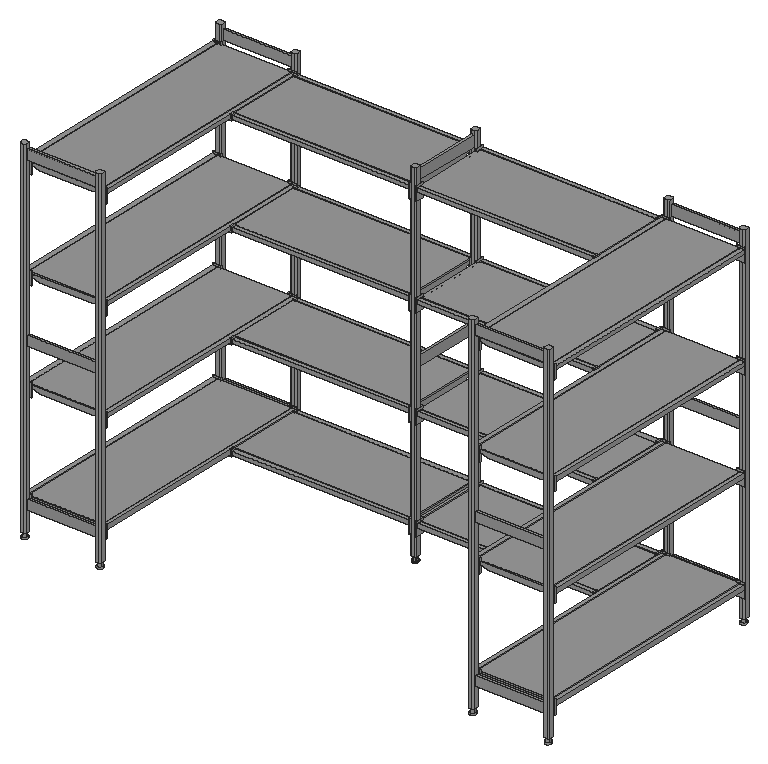
Revit family "QF_ELECTROLUXPROFESSIONAL_137100_CRS2412", category Attrezzature speciali, Revit 2020
Family settings
  Quota connettore circolare = Usa diametro
  Tipo di parte = Normale
  Basato su piano di lavoro = No
  Sempre verticale = Sì
  Taglio con vuoti quando caricato = No
  Condiviso = No
  Punto di calcolo locali = No
Parameters (values of type "Standard")
  Weight = 63.00 kg
  Watts = 0 W
  Volts = 0 V
  URL Manufacturer = "https://www.electroluxprofessional.com/"
  URL = "https://www.electroluxprofessional.com/"
  Steam Supply Size = 0 mm
  Steam Supply Minimum Pressure = 0.0 Pa
  Steam Supply Maximum Pressure = 0.0 Pa
  Steam Consumption per Hour = 0
  Refrigeration Suction Line Size = 0 mm
  Refrigeration Liquid Line Size = 0 mm
  Refrigerant Compressor Remote = yes
  Prospetto di default = 0 mm
  Produttore = "Electrolux Professional"
  Phase = 0
  Modello = "CRS2412"
  Length Actual = 708 mm  # constant formula
  Item Number = "137100"
  Hot Water Size = 0 mm
  Height Actual = 1550 mm  # constant formula
  HP = "0 HP"
  Gas Size = 0 mm
  Gas KW = 0
  Gas Input Pressure = 0 W
  Direct Waste Size = 0 mm
  Descrizione = "ALUM.SHELV.,POLY.TIERS-COLDROOM 243X123"
  Depth Actual = 373 mm  # constant formula
  Cycle = 0 Hz
  Condensate Return Size = 0 mm
  Compressed Air Volume = 0.0 L/s
  Compressed Air Size = 0 mm
  Compressed Air Pressure = 0.0 Pa
  Cold Water Size = 0 mm
  Accessory = yes
Reference planes
  plane 1 "Center (Front/Back)": y = 0
  plane 2: z = 0
  plane 3 "Center (Left/Right)": x = 0
  plane 4: x = -1215
  plane 5: y = 615
  plane 6: y = -615
  plane 7: x = 1215
  plane 8: x = -1193
  plane 9: x = 1193
  plane 10: y = 563
  plane 11: y = -563
Forms (mm)
  Extrusion 1, solid, material "QF_Clearances", detail levels coarse
    sketch origin (0, 0, 0) x (1, 0, 0) y (0, 1, 0)
      loop
        line (-1215, -615) -> (1215, -615) -> (1215, 615) -> (-1215, 615) -> (-1215, -615)
      loop
        line (1193, -563) -> (1193, 563) -> (-1193, 563) -> (-1193, -563) -> (1193, -563)
    from 0 to 1590
Lines and regions (mm)
  symbolic lines, style "QF_Clearances"
    curve 1: line (-1215, 615, 0) -> (-1215, -615, 0)
    curve 2: line (1215, 615, 0) -> (-1215, 615, 0)
    curve 3: line (1215, -615, 0) -> (1215, 615, 0)
Dimensions and locks
  equal spacing: plane 5, plane 1 "Center (Front/Back)", plane 6
  plane 5 to plane 6 = 1230 mm
  equal spacing: plane 4, plane 3 "Center (Left/Right)", plane 7
  plane 4 to plane 7 = 2430 mm
  plane 4 to plane 8 = 22 mm
  plane 8 to plane 9 = 2386 mm
  plane 11 to plane 6 = 52 mm
  plane 10 to plane 11 = 1126 mm
  aligned and locked: level to plane 2
  aligned and locked: plane 4 to Extrusion 1 sketch curve
  aligned and locked: Extrusion 1 sketch curve to plane 5
  aligned and locked: Extrusion 1 sketch curve to plane 7
  aligned and locked: Extrusion 1 sketch curve to plane 8
  aligned and locked: Extrusion 1 sketch curve to plane 10
  aligned and locked: plane 9 to Extrusion 1 sketch curve
  aligned and locked: Extrusion 1 sketch curve to plane 11
  aligned and locked: Extrusion 1 sketch curve to plane 6
Automatic sketch dimensions
  curve 1 to plane 4 = 0 mm
  curve 2 to plane 5 = 0 mm
  curve 2 to plane 7 = 0 mm
  curve 1 to plane 6 = 0 mm
  curve 3 to plane 6 = 0 mm
Nested families
  nested 1: "QF_1062" at (-843, -31, 0) x (0, -1, 0) z (0, 0, 1), type "QF_1062"
  nested 2: "QF_1062" at (1170, -31, 0) x (0, -1, 0) z (0, 0, 1), type "QF_1062"
  nested 3: "QF_798G" at (-535.5, 375.5, 0) x (0, 1, 0) z (0, 0, 1), type "QF_798G"
  nested 4: "QF_798G" at (535.5, 375.5, 0) x (0, 1, 0) z (0, 0, 1), type "QF_798G"
Definition of nested family "QF_1062"
  Parameters
    Default Elevation = 0 mm
    Model = "137014"
    Manufacturer = "Electrolux Professional"
    Description = ""
  Reference planes
    plane 1: z = 0
    plane 2 "Center (Left/Right)": x = -31
    plane 3 "LEFT": x = -594
    plane 4 "RIGHT": x = 532
    plane 5 "BACK": y = 23
    plane 6 "FRONT": y = -350
    plane 7 "TOP": z = 1700
    plane 8: x = 527
    plane 9: x = -562
    plane 10: x = 500
    plane 11 "Center (Front/Back)": y = -163.5
    plane 12: x = 495
    plane 13: y = -8.5
    plane 14: y = -318.5
    plane 15 "FEET": z = 25
    plane 16: z = 140
    plane 17: z = 590
    plane 18: z = 1040
    plane 19: z = 1490
    plane 20 "CXLeft": x = -580
    plane 21 "CXRight": x = 518
    plane 22: y = 5.5
    plane 23 "CYBack": y = 5.5
    plane 24 "CYFront": y = -332.5
  Forms (mm)
    Extrusion 1, solid
      sketch origin (-594, 0, 0) x (0, 1, 0) y (0, 0, 1)
        loop
          line (4, 1515.994) -> (4, 1497.998) -> (23, 1497.998) -> (23, 1515.994) -> (4, 1515.994)
        loop
          line (-331, 1515.994) -> (-350, 1515.994) -> (-350, 1497.998) -> (-331, 1497.998) -> (-331, 1515.994)
        loop
          line (4, 1065.994) -> (4, 1047.998) -> (23, 1047.998) -> (23, 1065.994) -> (4, 1065.994)
        loop
          line (-331, 1065.994) -> (-350, 1065.994) -> (-350, 1047.998) -> (-331, 1047.998) -> (-331, 1065.994)
        loop
          line (4, 615.994) -> (4, 597.998) -> (23, 597.998) -> (23, 615.994) -> (4, 615.994)
        loop
          line (-331, 615.994) -> (-350, 615.994) -> (-350, 597.998) -> (-331, 597.998) -> (-331, 615.994)
        loop
          line (4, 165.994) -> (4, 147.998) -> (23, 147.998) -> (23, 165.994) -> (4, 165.994)
        loop
          line (-331, 165.994) -> (-350, 165.994) -> (-350, 147.998) -> (-331, 147.998) -> (-331, 165.994)
      from 32 to 1094
    Extrusion 2, solid
      sketch origin (-594, 0, 135) x (0, 1, 0) y (0, 0, 1)
        loop
          line (2.007, 1380.994) -> (-329, 1380.994) -> (-329, 1374.496) -> (2.007, 1374.496) -> (2.007, 1380.994)
        loop
          line (2.007, 930.994) -> (-329, 930.994) -> (-329, 924.496) -> (2.007, 924.496) -> (2.007, 930.994)
        loop
          line (2.007, 480.994) -> (-329, 480.994) -> (-329, 474.496) -> (2.007, 474.496) -> (2.007, 480.994)
        loop
          line (2.007, 30.994) -> (-329, 30.994) -> (-329, 24.496) -> (2.007, 24.496) -> (2.007, 30.994)
      from 32 to 1094
    Extrusion 3, solid
      sketch origin (532, 0, 135) x (0, 1, 0) y (0, 0, 1)
        loop
          line (-12, 1362.998) -> (4, 1362.998) -> (4, 1380.994) -> (2.007, 1380.994) -> (2.007, 1374.496) -> (-329, 1374.496) -> (-329, 1380.994) -> (-331, 1380.994) -> (-331, 1362.998) -> (-315, 1362.998) -> (-281, 1350.994) -> (-46, 1350.994) -> (-12, 1362.998)
        loop
          line (-12, 912.998) -> (4, 912.998) -> (4, 930.994) -> (2.007, 930.994) -> (2.007, 924.496) -> (-329, 924.496) -> (-329, 930.994) -> (-331, 930.994) -> (-331, 912.998) -> (-315, 912.998) -> (-281, 900.994) -> (-46, 900.994) -> (-12, 912.998)
        loop
          line (-12, 462.998) -> (4, 462.998) -> (4, 480.994) -> (2.007, 480.994) -> (2.007, 474.496) -> (-329, 474.496) -> (-329, 480.994) -> (-331, 480.994) -> (-331, 462.998) -> (-315, 462.998) -> (-281, 450.994) -> (-46, 450.994) -> (-12, 462.998)
        loop
          line (-12, 12.998) -> (4, 12.998) -> (4, 30.994) -> (2.007, 30.994) -> (2.007, 24.496) -> (-329, 24.496) -> (-329, 30.994) -> (-331, 30.994) -> (-331, 12.998) -> (-315, 12.998) -> (-281, 0.994) -> (-46, 0.994) -> (-12, 12.998)
      from -32 to -37
  Lines and regions (mm)
    symbolic lines
      curve 1: line (500, 4, 1700) -> (-562, 4, 1700)
      curve 2: line (-566, 23, 1700) -> (504, 23, 1700)
      curve 3: line (504, 13.246, 1700) -> (510.254, 19.5, 1700)
      curve 4: line (510.254, -8.5, 1700) -> (504, -2.246, 1700)
      curve 5: line (510.254, -318.5, 1700) -> (504, -324.754, 1700)
      curve 6: line (-566, -350, 1700) -> (504, -350, 1700)
      curve 7: line (504, 23, 1700) -> (504, -12.993, 1700)
      curve 8: line (504, -12.993, 1700) -> (500, -12.993, 1700)
      curve 9: line (504, -350, 1700) -> (504, -314.007, 1700)
      curve 10: line (504, -314.007, 1700) -> (500, -314.007, 1700)
      curve 11: line (-562, -12.993, 1700) -> (-562, -314.007, 1700)
      curve 12: line (-562, -331, 1700) -> (500, -331, 1700)
      curve 13: line (500, -12.993, 1700) -> (500, -314.007, 1700)
  Dimensions and locks
    locked: plane 3 "LEFT" to plane 4 "RIGHT" at 1126
    equal spacing: plane 3 "LEFT", plane 2 "Center (Left/Right)", plane 4 "RIGHT"
    locked: plane 7 "TOP" to level at 1700
    locked: plane 5 "BACK" to plane 6 "FRONT" at 373
    locked: plane 4 "RIGHT" to plane 8 at 5
    locked: plane 9 to plane 10 at 1062
    locked: plane 3 "LEFT" to plane 9 at 32
    plane 12 to plane 10 = 5 mm
    locked: plane 13 to plane 14 at 310
    equal spacing: plane 13, plane 11 "Center (Front/Back)", plane 14
    equal spacing: plane 5 "BACK", plane 11 "Center (Front/Back)", plane 6 "FRONT"
    plane 15 "FEET" to level = 25 mm
    plane 7 "TOP" to plane 15 "FEET" = 1675 mm
    plane 17 to plane 16 = 450 mm
    plane 18 to plane 17 = 450 mm
    plane 19 to plane 18 = 450 mm
    locked: plane 3 "LEFT" to plane 20 "CXLeft" at 14
    locked: plane 21 "CXRight" to plane 4 "RIGHT" at 14
    locked: plane 5 "BACK" to plane 23 "CYBack" at 17.5
    locked: plane 24 "CYFront" to plane 6 "FRONT" at 17.5
    plane 16 to level = 140 mm
    plane 17 to level = 590 mm
    plane 18 to level = 1040 mm
    plane 19 to level = 1490 mm
    aligned and locked: level to plane 1
    aligned and locked: plane 9 to Extrusion 2
    aligned and locked: Extrusion 2 to plane 10
    aligned and locked: plane 9 to Extrusion 1
    aligned and locked: Extrusion 1 to plane 10
    aligned and locked: Extrusion 1 sketch curve to Extrusion 1 sketch curve  (x2)
    aligned and locked: Extrusion 3 sketch curve to Extrusion 3 sketch curve  (x3)
    aligned and locked: Extrusion 3 to plane 12
    aligned and locked: Extrusion 3 to plane 10
    aligned and locked: plane 20 "CXLeft" to nested 1
    aligned and locked: plane 21 "CXRight" to nested 2
  Automatic sketch dimensions
    Extrusion 1 sketch curve to plane 6 "FRONT" = 0 mm  (x4)
    Extrusion 1 sketch curve to plane 5 "BACK" = 0 mm  (x4)
    plane 24 "CYFront" to Extrusion 1 sketch curve = 1.5 mm  (x2)
    plane 22 to Extrusion 1 sketch curve = 1.5 mm  (x4)
    plane 16 to Extrusion 1 sketch curve = 7.998 mm  (x2)
    Extrusion 1 sketch curve to Extrusion 1 sketch curve = 17.997 mm  (x8)
    plane 17 to Extrusion 1 sketch curve = 7.998 mm  (x2)
    plane 18 to Extrusion 1 sketch curve = 7.998 mm  (x2)
    plane 19 to Extrusion 1 sketch curve = 7.998 mm  (x2)
    plane 24 "CYFront" to Extrusion 2 sketch curve = 3.5 mm  (x4)
    plane 22 to Extrusion 2 sketch curve = 3.493 mm  (x4)
    plane 16 to Extrusion 2 sketch curve = 19.496 mm
    Extrusion 2 sketch curve to Extrusion 2 sketch curve = 6.499 mm  (x4)
    plane 17 to Extrusion 2 sketch curve = 19.496 mm
    plane 18 to Extrusion 2 sketch curve = 19.496 mm
    plane 19 to Extrusion 2 sketch curve = 19.496 mm
    plane 24 "CYFront" to Extrusion 3 sketch curve = 1.5 mm  (x4)
    Extrusion 3 sketch curve to Extrusion 3 sketch curve = 2 mm
    plane 14 to Extrusion 3 sketch curve = 3.5 mm  (x4)
    Extrusion 3 sketch curve to plane 16 = 4.006 mm
    Extrusion 3 sketch curve to Extrusion 3 sketch curve = 34 mm  (x4)
    Extrusion 3 sketch curve to plane 17 = 4.006 mm
    Extrusion 3 sketch curve to plane 18 = 4.006 mm
    Extrusion 3 sketch curve to plane 19 = 4.006 mm
    Extrusion 3 sketch curve to plane 13 = 37.5 mm  (x4)
    Extrusion 3 sketch curve to plane 13 = 3.5 mm  (x4)
    plane 22 to Extrusion 3 sketch curve = 3.493 mm  (x4)
    plane 22 to Extrusion 3 sketch curve = 1.5 mm  (x4)
    plane 16 to Extrusion 3 sketch curve = 7.998 mm  (x2)
    Extrusion 3 sketch curve to Extrusion 3 sketch curve = 11.498 mm  (x4)
    Extrusion 3 sketch curve to Extrusion 3 sketch curve = 6.499 mm  (x8)
    plane 17 to Extrusion 3 sketch curve = 7.998 mm  (x2)
    plane 18 to Extrusion 3 sketch curve = 7.998 mm  (x2)
    plane 19 to Extrusion 3 sketch curve = 7.998 mm  (x2)
    curve 6 to plane 6 "FRONT" = 0 mm
    curve 12 to plane 9 = 0 mm
    curve 12 to plane 10 = 0 mm
    curve 5 to plane 14 = 0 mm
    curve 11 to plane 9 = 0 mm
    curve 8 to plane 10 = 0 mm
    curve 4 to plane 13 = 0 mm
    curve 1 to plane 9 = 0 mm
    curve 1 to plane 10 = 0 mm
    curve 2 to plane 5 "BACK" = 0 mm
    plane 14 to curve 10 = 4.493 mm
    curve 7 to plane 13 = 4.493 mm
    curve 10 to plane 10 = 4 mm
    curve 7 to plane 10 = 4 mm
    plane 24 "CYFront" to curve 12 = 1.5 mm
    curve 5 to plane 14 = 6.254 mm
    plane 14 to curve 11 = 4.493 mm
    curve 11 to plane 13 = 4.493 mm
    plane 13 to curve 4 = 6.254 mm
    plane 22 to curve 1 = 1.5 mm
    curve 3 to plane 22 = 7.746 mm
    curve 3 to plane 5 "BACK" = 3.5 mm
    curve 5 to curve 9 = 6.254 mm
    curve 3 to curve 2 = 6.254 mm
    curve 4 to curve 7 = 6.254 mm
    plane 9 to curve 2 = 4 mm
    plane 9 to curve 6 = 4 mm
  Nested families
    nested 1: "WT_Anta373B" at (-177, 0, 0), type "WT_Anta373B"
    nested 2: "WT_Anta373B" at (115, 0, 0) x (-1, 0, 0) z (0, 0, 1), type "WT_Anta373B"
  Definition of nested family "WT_Anta373B"
    Parameters
      WidthLeft = A + 64 mm  # 772 mm
      Width = 1606 mm
      Right = WidthLeft / 2  # 386 mm
      Default Elevation = 0 mm
      Left = -WidthLeft / 2  # -386 mm
      Height = 1590 mm
      FEET = 25 mm
      E = 0 mm
      Dint = Depth - 63 mm  # 310 mm
      Dext = Depth - 8 mm  # 365 mm
      Depth = 373 mm
      DX = (WidthLeft - A) / 2  # 32 mm
      B = 798 mm
      A = 708 mm
    Reference planes
      plane 1: z = 0
      plane 2 "LEFT": x = -417
      plane 3 "BACK": y = 23
      plane 4 "FRONT": y = -350
      plane 5 "TOP": z = 1590
      plane 6 "Center (Front/Back)": y = -163.5
      plane 7: y = -8.5
      plane 8: y = -318.5
      plane 9 "FEET": z = 25
      plane 10: z = 140
      plane 11: z = 590
      plane 12: z = 1040
      plane 13: z = 1490
      plane 14 "CXLeft": x = -403
      plane 15: y = 5.5
      plane 16 "CYBack": y = 5.5
      plane 17 "CYFront": y = -332.5
      plane 18: x = -385.031
      plane 19: x = -380.031
    Forms (mm)
      Extrusion 1, solid
        sketch origin (0, 0, 0) x (1, 0, 0) y (0, 1, 0)
          loop
            line (-417, 13.246) -> (-417, -2.246) -> (-410.746, -8.5) -> (-395.254, -8.5) -> (-389, -2.246) -> (-389, 13.246) -> (-395.254, 19.5) -> (-410.746, 19.5) -> (-417, 13.246)
        from 1590 to 25
      Extrusion 2, solid
        sketch origin (-417, 0, 0) x (0, 1, 0) y (0, 0, 1)
          loop
            line (23, 111.005) -> (23, 172.993) -> (-12.993, 172.993) -> (-12.993, 111.005) -> (23, 111.005)
          loop
            line (-350, 111.005) -> (-314.007, 111.005) -> (-314.007, 172.993) -> (-350, 172.993) -> (-350, 111.005)
          loop
            line (23, 561.005) -> (23, 622.993) -> (-12.993, 622.993) -> (-12.993, 561.005) -> (23, 561.005)
          loop
            line (-350, 561.005) -> (-314.007, 561.005) -> (-314.007, 622.993) -> (-350, 622.993) -> (-350, 561.005)
          loop
            line (23, 1011.005) -> (23, 1072.993) -> (-12.993, 1072.993) -> (-12.993, 1011.005) -> (23, 1011.005)
          loop
            line (-350, 1011.005) -> (-314.007, 1011.005) -> (-314.007, 1072.993) -> (-350, 1072.993) -> (-350, 1011.005)
          loop
            line (23, 1461.005) -> (23, 1522.993) -> (-12.993, 1522.993) -> (-12.993, 1461.005) -> (23, 1461.005)
          loop
            line (-350, 1461.005) -> (-314.007, 1461.005) -> (-314.007, 1522.993) -> (-350, 1522.993) -> (-350, 1461.005)
        from 28 to 32
      Revolve 3, solid
        sketch origin (-403, 0, 0) x (0, 1, 0) y (0, 0, 1)
          loop
            line (5.5, 25) -> (5.5, 0) -> (19, 0) -> (19, 5) -> (14, 5) -> (14, 25) -> (5.5, 25)
          axis (5.5, 25) -> (5.5, 0)
        angle from 0 to 360
      Extrusion 4, solid
        sketch origin (-403, 0, 0) x (0, 1, 0) y (0, 0, 1)
          loop
            line (-8.5, 777.382) -> (-8.5, 822.374) -> (-318.5, 822.374) -> (-318.5, 777.382) -> (-8.5, 777.382)
          loop
            line (-8.5, 1527.244) -> (-8.5, 1572.236) -> (-318.5, 1572.236) -> (-318.5, 1527.244) -> (-8.5, 1527.244)
        from -5 to 5
      Revolve 5, solid
        sketch origin (-403, -627, 0) x (0, -1, 0) y (0, 0, 1)
          loop
            line (-294.5, 25) -> (-294.5, 0) -> (-281, 0) -> (-281, 5) -> (-286, 5) -> (-286, 25) -> (-294.5, 25)
          axis (-294.5, 25) -> (-294.5, 0)
        angle from 0 to 360
      Extrusion 6, solid
        sketch origin (0, -627, 0) x (1, 0, 0) y (0, 1, 0)
          loop
            line (-417, 286.754) -> (-410.746, 280.5) -> (-395.254, 280.5) -> (-389, 286.754) -> (-389, 302.246) -> (-395.254, 308.5) -> (-410.746, 308.5) -> (-417, 302.246) -> (-417, 286.754)
        from 1590 to 25
      Extrusion 7, solid
        sketch origin (-417.031, -0.022, 0) x (0, 1, 0) y (0, 0, -1)
          loop
            line (-12, -1497.998) -> (-46, -1485.994) -> (-281, -1485.994) -> (-315, -1497.998) -> (-331, -1497.998) -> (-331, -1515.994) -> (-329, -1515.994) -> (-329, -1509.496) -> (2.007, -1509.496) -> (2.007, -1515.994) -> (4, -1515.994) -> (4, -1497.998) -> (-12, -1497.998)
          loop
            line (-12, -1047.998) -> (-46, -1035.994) -> (-281, -1035.994) -> (-315, -1047.998) -> (-331, -1047.998) -> (-331, -1065.994) -> (-329, -1065.994) -> (-329, -1059.496) -> (2.007, -1059.496) -> (2.007, -1065.994) -> (4, -1065.994) -> (4, -1047.998) -> (-12, -1047.998)
          loop
            line (-12, -597.998) -> (-46, -585.994) -> (-281, -585.994) -> (-315, -597.998) -> (-331, -597.998) -> (-331, -615.994) -> (-329, -615.994) -> (-329, -609.496) -> (2.007, -609.496) -> (2.007, -615.994) -> (4, -615.994) -> (4, -597.998) -> (-12, -597.998)
          loop
            line (-12, -147.998) -> (-46, -135.994) -> (-281, -135.994) -> (-315, -147.998) -> (-331, -147.998) -> (-331, -165.994) -> (-329, -165.994) -> (-329, -159.496) -> (2.007, -159.496) -> (2.007, -165.994) -> (4, -165.994) -> (4, -147.998) -> (-12, -147.998)
        from -32 to -37
      Extrusion 8, solid
        sketch origin (-403, 0, -659.878) x (0, 1, 0) y (0, 0, 1)
          loop
            line (-8.5, 777.382) -> (-8.5, 822.374) -> (-318.5, 822.374) -> (-318.5, 777.382) -> (-8.5, 777.382)
          loop
            line (-8.5, 1437.382) -> (-8.5, 1482.374) -> (-318.5, 1482.374) -> (-318.5, 1437.382) -> (-8.5, 1437.382)
          loop
            line (-8.5, 2187.382) -> (-8.5, 2232.374) -> (-318.5, 2232.374) -> (-318.5, 2187.382) -> (-8.5, 2187.382)
        from -5 to 5
    Lines and regions (mm)
      symbolic lines
        curve 1: line (-408, -8.5, 1590) -> (-408, -318.5, 1590)
        curve 2: line (-398, -318.5, 1590) -> (-398, -8.5, 1590)
        curve 3: line (-395.254, -8.5, 1590) -> (-410.746, -8.5, 1590)
        curve 4: line (-417, -2.246, 1590) -> (-410.746, -8.5, 1590)
        curve 5: line (-417, 13.246, 1590) -> (-417, -2.246, 1590)
        curve 6: line (-410.746, 19.5, 1590) -> (-417, 13.246, 1590)
        curve 7: line (-395.254, 19.5, 1590) -> (-410.746, 19.5, 1590)
        curve 8: line (-389, 13.246, 1590) -> (-395.254, 19.5, 1590)
        curve 9: line (-395.254, -8.5, 1590) -> (-389, -2.246, 1590)
        curve 10: line (-395.254, -318.5, 1590) -> (-410.746, -318.5, 1590)
        curve 11: line (-417, -324.754, 1590) -> (-410.746, -318.5, 1590)
        curve 12: line (-410.746, -346.5, 1590) -> (-417, -340.246, 1590)
        curve 13: line (-395.254, -346.5, 1590) -> (-410.746, -346.5, 1590)
        curve 14: line (-389, -340.246, 1590) -> (-395.254, -346.5, 1590)
        curve 15: line (-395.254, -318.5, 1590) -> (-389, -324.754, 1590)
        curve 16: line (-389, -350, 1590) -> (-389, -314.007, 1590)
        curve 17: line (-389, -314.007, 1590) -> (-385, -314.007, 1590)
        curve 18: line (-389, 23, 1590) -> (-389, -12.993, 1590)
        curve 19: line (-389, -12.993, 1590) -> (-385, -12.993, 1590)
        curve 20: line (-417, -324.754, 1590) -> (-417, -340.246, 1590)
        curve 21: line (-385, -350, 1590) -> (-385, -314.007, 1590)
        curve 22: line (-385, -350, 1590) -> (-389, -350, 1590)
        curve 23: line (-385, 23, 1590) -> (-389, 23, 1590)
        curve 24: line (-385, -12.993, 1590) -> (-385, 23, 1590)
        curve 25: line (-385.031, -13.016, 1725) -> (-385.031, -314.029, 1725)
    Dimensions and locks
      "Depth": plane 3 "BACK" to plane 4 "FRONT"
      "Dint": plane 7 to plane 8
      equal spacing: plane 7, plane 6 "Center (Front/Back)", plane 8
      equal spacing: plane 3 "BACK", plane 6 "Center (Front/Back)", plane 4 "FRONT"
      plane 9 "FEET" to level = 25 mm
      plane 10 to plane 9 "FEET" = 115 mm
      plane 11 to plane 10 = 450 mm
      plane 12 to plane 11 = 450 mm
      plane 13 to plane 12 = 450 mm
      locked: plane 2 "LEFT" to plane 14 "CXLeft" at 14
      locked: plane 3 "BACK" to plane 16 "CYBack" at 17.5
      locked: plane 17 "CYFront" to plane 4 "FRONT" at 17.5
      locked: Revolve 3 sketch curve to Revolve 3 sketch curve at 8.5
      locked: Revolve 3 sketch curve to plane 16 "CYBack" at 13.5
      locked: Revolve 5 sketch curve to Revolve 5 sketch curve at 8.5
      plane 10 to level = 140 mm
      plane 11 to level = 590 mm
      plane 12 to level = 1040 mm
      plane 13 to level = 1490 mm
      "Height": plane 5 "TOP" to level
      aligned and locked: level to plane 1
      aligned and locked: curve 20 to Extrusion 6
      aligned and locked: plane 5 "TOP" to Extrusion 1
      aligned and locked: plane 5 "TOP" to Extrusion 6
      aligned and locked: Extrusion 7 sketch curve to Extrusion 7 sketch curve  (x3)
    Automatic sketch dimensions
      curve 16 to plane 4 "FRONT" = 0 mm
      curve 11 to plane 8 = 0 mm
      curve 9 to plane 7 = 0 mm
      curve 5 to plane 2 "LEFT" = 0 mm
      curve 23 to plane 3 "BACK" = 0 mm
      plane 4 "FRONT" to curve 13 = 3.5 mm
      curve 20 to plane 17 "CYFront" = 7.746 mm
      curve 20 to plane 8 = 6.254 mm
      plane 8 to curve 16 = 4.493 mm
      curve 24 to plane 18 = 0.031 mm
      curve 24 to plane 7 = 4.493 mm
      plane 7 to curve 5 = 6.254 mm
      curve 5 to plane 15 = 7.746 mm
      curve 6 to plane 3 "BACK" = 3.5 mm
      curve 21 to plane 18 = 0.031 mm
      plane 18 to curve 23 = 3.969 mm
      plane 18 to curve 16 = 3.969 mm
      curve 18 to curve 8 = 6.254 mm
      curve 18 to curve 3 = 6.254 mm
      curve 16 to curve 13 = 6.254 mm
      curve 16 to curve 15 = 6.254 mm
      plane 2 "LEFT" to curve 10 = 6.254 mm
      plane 2 "LEFT" to curve 7 = 6.254 mm
      plane 2 "LEFT" to curve 12 = 6.254 mm
      plane 2 "LEFT" to curve 3 = 6.254 mm
      curve 14 to plane 17 "CYFront" = 7.746 mm
      curve 15 to plane 8 = 6.254 mm
      plane 7 to curve 9 = 6.254 mm
      curve 8 to plane 15 = 7.746 mm
      curve 3 to curve 2 = 2.746 mm
      curve 1 to curve 10 = 2.746 mm
      Extrusion 1 sketch curve to plane 2 "LEFT" = 0 mm
      Extrusion 1 sketch curve to plane 7 = 0 mm
      plane 2 "LEFT" to Extrusion 1 sketch curve = 6.254 mm  (x2)
      plane 14 "CXLeft" to Extrusion 1 sketch curve = 7.746 mm  (x2)
      Extrusion 1 sketch curve to plane 3 "BACK" = 3.5 mm
      plane 18 to Extrusion 1 sketch curve = 3.969 mm
      plane 7 to Extrusion 1 sketch curve = 6.254 mm  (x2)
      Extrusion 1 sketch curve to plane 15 = 7.746 mm  (x2)
      Extrusion 2 sketch curve to plane 4 "FRONT" = 0 mm  (x4)
      Extrusion 2 sketch curve to plane 3 "BACK" = 0 mm  (x4)
      plane 8 to Extrusion 2 sketch curve = 4.493 mm  (x4)
      Extrusion 2 sketch curve to plane 7 = 4.493 mm  (x4)
      Extrusion 2 sketch curve to plane 10 = 28.995 mm  (x2)
      plane 10 to Extrusion 2 sketch curve = 32.993 mm  (x2)
      Extrusion 2 sketch curve to plane 11 = 28.995 mm  (x2)
      plane 11 to Extrusion 2 sketch curve = 32.993 mm  (x2)
      Extrusion 2 sketch curve to plane 12 = 28.995 mm  (x2)
      plane 12 to Extrusion 2 sketch curve = 32.993 mm  (x2)
      Extrusion 2 sketch curve to plane 13 = 28.995 mm  (x2)
      plane 13 to Extrusion 2 sketch curve = 32.993 mm  (x2)
      Revolve 3 sketch curve to plane 9 "FEET" = 0 mm  (x2)
      Revolve 3 sketch curve to plane 15 = 0 mm  (x2)
      Revolve 3 sketch curve to level = 0 mm
      level to Revolve 3 sketch curve = 5 mm
      Revolve 3 sketch curve to Revolve 3 sketch curve = 11.655 mm
      Extrusion 4 sketch curve to plane 8 = 0 mm  (x2)
      Extrusion 4 sketch curve to plane 7 = 0 mm  (x2)
      plane 11 to Extrusion 4 sketch curve = 187.382 mm
      Extrusion 4 sketch curve to Extrusion 4 sketch curve = 44.992 mm
      plane 13 to Extrusion 4 sketch curve = 37.244 mm
      Extrusion 4 sketch curve to plane 5 "TOP" = 17.764 mm
      Revolve 5 sketch curve to plane 9 "FEET" = 0 mm  (x2)
      Revolve 5 sketch curve to plane 17 "CYFront" = 0 mm  (x2)
      Revolve 5 sketch curve to level = 0 mm
      Revolve 5 sketch curve to plane 4 "FRONT" = 4 mm
      Revolve 5 sketch curve to Revolve 5 sketch curve = 5 mm
      level to Revolve 5 sketch curve = 11.655 mm
      Extrusion 6 sketch curve to plane 2 "LEFT" = 0 mm
      Extrusion 6 sketch curve to plane 8 = 0 mm
      Extrusion 6 sketch curve to plane 2 "LEFT" = 6.254 mm  (x2)
      Extrusion 6 sketch curve to plane 14 "CXLeft" = 7.746 mm  (x2)
      Extrusion 6 sketch curve to plane 4 "FRONT" = 3.5 mm
      Extrusion 6 sketch curve to plane 18 = 3.969 mm
      plane 8 to Extrusion 6 sketch curve = 6.254 mm  (x2)
      plane 17 "CYFront" to Extrusion 6 sketch curve = 7.746 mm  (x2)
      plane 17 "CYFront" to Extrusion 7 sketch curve = 1.478 mm  (x4)
      Extrusion 7 sketch curve to Extrusion 7 sketch curve = 2 mm
      plane 8 to Extrusion 7 sketch curve = 3.478 mm  (x4)
      Extrusion 7 sketch curve to plane 10 = 4.006 mm
      Extrusion 7 sketch curve to Extrusion 7 sketch curve = 34 mm  (x4)
      Extrusion 7 sketch curve to plane 11 = 4.006 mm
      Extrusion 7 sketch curve to plane 12 = 4.006 mm
      Extrusion 7 sketch curve to plane 13 = 4.006 mm
      Extrusion 7 sketch curve to plane 7 = 37.522 mm  (x4)
      Extrusion 7 sketch curve to plane 7 = 3.522 mm  (x4)
      plane 15 to Extrusion 7 sketch curve = 3.516 mm  (x4)
      plane 15 to Extrusion 7 sketch curve = 1.522 mm  (x4)
      plane 13 to Extrusion 7 sketch curve = 7.998 mm  (x2)
      Extrusion 7 sketch curve to Extrusion 7 sketch curve = 11.498 mm
      Extrusion 7 sketch curve to Extrusion 7 sketch curve = 6.499 mm  (x5)
      plane 12 to Extrusion 7 sketch curve = 25.994 mm  (x2)
      plane 12 to Extrusion 7 sketch curve = 7.998 mm  (x2)
      plane 11 to Extrusion 7 sketch curve = 25.994 mm  (x2)
      plane 11 to Extrusion 7 sketch curve = 7.998 mm  (x2)
      plane 10 to Extrusion 7 sketch curve = 25.994 mm  (x2)
      plane 10 to Extrusion 7 sketch curve = 7.998 mm  (x2)
      curve 25 to plane 18 = 0 mm
      plane 8 to curve 25 = 4.471 mm
      curve 25 to plane 7 = 4.516 mm
      Extrusion 8 sketch curve to plane 8 = 0 mm  (x3)
      Extrusion 8 sketch curve to plane 7 = 0 mm  (x3)
      Extrusion 8 sketch curve to plane 10 = 22.496 mm
      plane 10 to Extrusion 8 sketch curve = 22.496 mm
      plane 11 to Extrusion 8 sketch curve = 187.504 mm
      Extrusion 8 sketch curve to Extrusion 8 sketch curve = 44.992 mm
      plane 13 to Extrusion 8 sketch curve = 37.504 mm
      Extrusion 8 sketch curve to plane 5 "TOP" = 17.504 mm
Definition of nested family "QF_798G"
  Parameters
    Default Elevation = 0 mm
    Model = "137031"
    Manufacturer = "Electrolux Professional"
    Description = ""
  Reference planes
    plane 1: z = 0
    plane 2 "Center (F/B)": y = -163.5
    plane 3 "Front": y = -549.5
    plane 4 "Left": x = -217.5
    plane 5 "Right": x = 155.5
    plane 6 "TOP": z = 1700
    plane 7: y = -517.5
    plane 8: y = 280.5
    plane 9 "Center (Left/Right)": x = -31
    plane 10: y = 275.5
    plane 11: x = -186
    plane 12: x = 124
    plane 13 "FEET": z = 25
    plane 14: z = 140
    plane 15: z = 590
    plane 16: z = 1040
    plane 17: z = 1490
    plane 18 "CXLeft": y = -535.5
    plane 19: x = -200
    plane 20 "CYBack": x = -200
    plane 21 "CYFront": x = 138
    plane 22 "Back": y = 284.5
    plane 23 "LEFT_ORIGIN": x = -251.5
    plane 24 "BACK_Origin": y = 657.5
  Forms (mm)
    Extrusion 1, solid
      sketch origin (0, -549.5, 0) x (-1, 0, 0) y (0, 0, 1)
        loop
          line (198.5, 1515.994) -> (198.5, 1497.998) -> (217.5, 1497.998) -> (217.5, 1515.994) -> (198.5, 1515.994)
        loop
          line (-136.5, 1515.994) -> (-155.5, 1515.994) -> (-155.5, 1497.998) -> (-136.5, 1497.998) -> (-136.5, 1515.994)
        loop
          line (198.5, 1065.994) -> (198.5, 1047.998) -> (217.5, 1047.998) -> (217.5, 1065.994) -> (198.5, 1065.994)
        loop
          line (-136.5, 1065.994) -> (-155.5, 1065.994) -> (-155.5, 1047.998) -> (-136.5, 1047.998) -> (-136.5, 1065.994)
        loop
          line (198.5, 615.994) -> (198.5, 597.998) -> (217.5, 597.998) -> (217.5, 615.994) -> (198.5, 615.994)
        loop
          line (-136.5, 615.994) -> (-155.5, 615.994) -> (-155.5, 597.998) -> (-136.5, 597.998) -> (-136.5, 615.994)
        loop
          line (198.5, 165.994) -> (198.5, 147.998) -> (217.5, 147.998) -> (217.5, 165.994) -> (198.5, 165.994)
        loop
          line (-136.5, 165.994) -> (-155.5, 165.994) -> (-155.5, 147.998) -> (-136.5, 147.998) -> (-136.5, 165.994)
      from 32 to 830
    Extrusion 2, solid
      sketch origin (0, -549.5, 0) x (-1, 0, 0) y (0, 0, 1)
        loop
          line (196.507, 1515.994) -> (-134.5, 1515.994) -> (-134.5, 1509.496) -> (196.507, 1509.496) -> (196.507, 1515.994)
        loop
          line (196.507, 1065.994) -> (-134.5, 1065.994) -> (-134.5, 1059.496) -> (196.507, 1059.496) -> (196.507, 1065.994)
        loop
          line (196.507, 615.994) -> (-134.5, 615.994) -> (-134.5, 609.496) -> (196.507, 609.496) -> (196.507, 615.994)
        loop
          line (196.507, 165.994) -> (-134.5, 165.994) -> (-134.5, 159.496) -> (196.507, 159.496) -> (196.507, 165.994)
      from 32 to 830
  Lines and regions (mm)
    symbolic lines
      curve 1: line (-198.5, 280.5, 1700) -> (-198.5, -517.5, 1700)
      curve 2: line (-217.5, -521.5, 1700) -> (-217.5, 280.5, 1700)
      curve 3: line (155.5, -521.5, 1700) -> (155.5, 280.5, 1700)
      curve 4: line (-181.507, -517.5, 1700) -> (119.507, -517.5, 1700)
      curve 5: line (136.5, -517.5, 1700) -> (136.5, 280.5, 1700)
      curve 6: line (-198.5, 280.5, 1700) -> (136.5, 280.5, 1700)
  Dimensions and locks
    plane 3 "Front" to plane 2 "Center (F/B)" = 386 mm
    locked: plane 4 "Left" to plane 5 "Right" at 373
    locked: plane 7 to plane 8 at 798
    locked: plane 3 "Front" to plane 7 at 32
    plane 10 to plane 8 = 5 mm
    locked: plane 11 to plane 12 at 310
    equal spacing: plane 11, plane 9 "Center (Left/Right)", plane 12
    equal spacing: plane 4 "Left", plane 9 "Center (Left/Right)", plane 5 "Right"
    locked: plane 3 "Front" to plane 18 "CXLeft" at 14
    locked: plane 3 "Front" to plane 22 "Back" at 834
    plane 23 "LEFT_ORIGIN" to plane 5 "Right" = 407 mm
    locked: plane 22 "Back" to plane 24 "BACK_Origin" at 373
    plane 14 to level = 140 mm
    plane 15 to level = 590 mm
    plane 16 to level = 1040 mm
    locked: plane 6 "TOP" to level at 1700
    plane 17 to level = 1490 mm
    plane 13 "FEET" to level = 25 mm
    aligned and locked: level to plane 1
    aligned and locked: Extrusion 2 to plane 7
    aligned and locked: plane 8 to Extrusion 2
    aligned and locked: Extrusion 1 to plane 7
    aligned and locked: plane 8 to Extrusion 1
    aligned and locked: Extrusion 1 sketch curve to Extrusion 1 sketch curve  (x2)
    aligned and locked: nested 1 to plane 18 "CXLeft"
    aligned and locked: nested 2 to plane 10
  Automatic sketch dimensions
    curve 2 to plane 4 "Left" = 0 mm
    curve 3 to plane 5 "Right" = 0 mm
    plane 7 to curve 1 = 0 mm
    plane 7 to curve 4 = 0 mm
    plane 7 to curve 5 = 0 mm
    plane 8 to curve 2 = 0 mm
    plane 8 to curve 1 = 0 mm
    plane 8 to curve 3 = 0 mm
    plane 21 "CYFront" to curve 5 = 1.5 mm
    plane 19 to curve 6 = 1.5 mm
    plane 7 to curve 3 = 4 mm
    plane 7 to curve 2 = 4 mm
    plane 12 to curve 4 = 4.493 mm
    curve 4 to plane 11 = 4.493 mm
    plane 5 "Right" to Extrusion 1 sketch curve = 0 mm  (x4)
    plane 4 "Left" to Extrusion 1 sketch curve = 0 mm  (x4)
    plane 21 "CYFront" to Extrusion 1 sketch curve = 1.5 mm  (x2)
    plane 19 to Extrusion 1 sketch curve = 1.5 mm  (x4)
    plane 14 to Extrusion 1 sketch curve = 7.998 mm  (x2)
    Extrusion 1 sketch curve to Extrusion 1 sketch curve = 17.997 mm  (x8)
    plane 15 to Extrusion 1 sketch curve = 7.998 mm  (x2)
    plane 16 to Extrusion 1 sketch curve = 7.998 mm  (x2)
    plane 17 to Extrusion 1 sketch curve = 7.998 mm  (x2)
    plane 21 "CYFront" to Extrusion 2 sketch curve = 3.5 mm  (x4)
    plane 19 to Extrusion 2 sketch curve = 3.493 mm  (x4)
    plane 14 to Extrusion 2 sketch curve = 19.496 mm
    Extrusion 2 sketch curve to Extrusion 2 sketch curve = 6.499 mm  (x4)
    plane 15 to Extrusion 2 sketch curve = 19.496 mm
    plane 16 to Extrusion 2 sketch curve = 19.496 mm
    plane 17 to Extrusion 2 sketch curve = 19.496 mm
  Nested families
    nested 1: "WT_Anta373B" at (-194.5, -132.5, 0) x (0, 1, 0) z (0, 0, 1), type "WT_Anta373B"
    nested 2: "WT_Aggancio373B" at (-194.5, 692.5, 0) x (0, 1, 0) z (0, 0, 1), type "WT_Aggancio373B"
  Definition of nested family "WT_Anta373B"
    Parameters
      WidthLeft = A + 64 mm  # 772 mm
      Width = 1606 mm
      Right = WidthLeft / 2  # 386 mm
      Default Elevation = 0 mm
      Left = -WidthLeft / 2  # -386 mm
      Height = 1590 mm
      FEET = 25 mm
      E = 0 mm
      Dint = Depth - 63 mm  # 310 mm
      Dext = Depth - 8 mm  # 365 mm
      Depth = 373 mm
      DX = (WidthLeft - A) / 2  # 32 mm
      B = 798 mm
      A = 708 mm
    Reference planes
      plane 1: z = 0
      plane 2 "LEFT": x = -417
      plane 3 "BACK": y = 23
      plane 4 "FRONT": y = -350
      plane 5 "TOP": z = 1590
      plane 6 "Center (Front/Back)": y = -163.5
      plane 7: y = -8.5
      plane 8: y = -318.5
      plane 9 "FEET": z = 25
      plane 10: z = 140
      plane 11: z = 590
      plane 12: z = 1040
      plane 13: z = 1490
      plane 14 "CXLeft": x = -403
      plane 15: y = 5.5
      plane 16 "CYBack": y = 5.5
      plane 17 "CYFront": y = -332.5
      plane 18: x = -385.031
      plane 19: x = -380.031
    Forms (mm)
      Extrusion 1, solid
        sketch origin (0, 0, 0) x (1, 0, 0) y (0, 1, 0)
          loop
            line (-417, 13.246) -> (-417, -2.246) -> (-410.746, -8.5) -> (-395.254, -8.5) -> (-389, -2.246) -> (-389, 13.246) -> (-395.254, 19.5) -> (-410.746, 19.5) -> (-417, 13.246)
        from 1590 to 25
      Extrusion 2, solid
        sketch origin (-417, 0, 0) x (0, 1, 0) y (0, 0, 1)
          loop
            line (23, 111.005) -> (23, 172.993) -> (-12.993, 172.993) -> (-12.993, 111.005) -> (23, 111.005)
          loop
            line (-350, 111.005) -> (-314.007, 111.005) -> (-314.007, 172.993) -> (-350, 172.993) -> (-350, 111.005)
          loop
            line (23, 561.005) -> (23, 622.993) -> (-12.993, 622.993) -> (-12.993, 561.005) -> (23, 561.005)
          loop
            line (-350, 561.005) -> (-314.007, 561.005) -> (-314.007, 622.993) -> (-350, 622.993) -> (-350, 561.005)
          loop
            line (23, 1011.005) -> (23, 1072.993) -> (-12.993, 1072.993) -> (-12.993, 1011.005) -> (23, 1011.005)
          loop
            line (-350, 1011.005) -> (-314.007, 1011.005) -> (-314.007, 1072.993) -> (-350, 1072.993) -> (-350, 1011.005)
          loop
            line (23, 1461.005) -> (23, 1522.993) -> (-12.993, 1522.993) -> (-12.993, 1461.005) -> (23, 1461.005)
          loop
            line (-350, 1461.005) -> (-314.007, 1461.005) -> (-314.007, 1522.993) -> (-350, 1522.993) -> (-350, 1461.005)
        from 28 to 32
      Revolve 3, solid
        sketch origin (-403, 0, 0) x (0, 1, 0) y (0, 0, 1)
          loop
            line (5.5, 25) -> (5.5, 0) -> (19, 0) -> (19, 5) -> (14, 5) -> (14, 25) -> (5.5, 25)
          axis (5.5, 25) -> (5.5, 0)
        angle from 0 to 360
      Extrusion 4, solid
        sketch origin (-403, 0, 0) x (0, 1, 0) y (0, 0, 1)
          loop
            line (-8.5, 777.382) -> (-8.5, 822.374) -> (-318.5, 822.374) -> (-318.5, 777.382) -> (-8.5, 777.382)
          loop
            line (-8.5, 1527.244) -> (-8.5, 1572.236) -> (-318.5, 1572.236) -> (-318.5, 1527.244) -> (-8.5, 1527.244)
        from -5 to 5
      Revolve 5, solid
        sketch origin (-403, -627, 0) x (0, -1, 0) y (0, 0, 1)
          loop
            line (-294.5, 25) -> (-294.5, 0) -> (-281, 0) -> (-281, 5) -> (-286, 5) -> (-286, 25) -> (-294.5, 25)
          axis (-294.5, 25) -> (-294.5, 0)
        angle from 0 to 360
      Extrusion 6, solid
        sketch origin (0, -627, 0) x (1, 0, 0) y (0, 1, 0)
          loop
            line (-417, 286.754) -> (-410.746, 280.5) -> (-395.254, 280.5) -> (-389, 286.754) -> (-389, 302.246) -> (-395.254, 308.5) -> (-410.746, 308.5) -> (-417, 302.246) -> (-417, 286.754)
        from 1590 to 25
      Extrusion 7, solid
        sketch origin (-417.031, -0.022, 0) x (0, 1, 0) y (0, 0, -1)
          loop
            line (-12, -1497.998) -> (-46, -1485.994) -> (-281, -1485.994) -> (-315, -1497.998) -> (-331, -1497.998) -> (-331, -1515.994) -> (-329, -1515.994) -> (-329, -1509.496) -> (2.007, -1509.496) -> (2.007, -1515.994) -> (4, -1515.994) -> (4, -1497.998) -> (-12, -1497.998)
          loop
            line (-12, -1047.998) -> (-46, -1035.994) -> (-281, -1035.994) -> (-315, -1047.998) -> (-331, -1047.998) -> (-331, -1065.994) -> (-329, -1065.994) -> (-329, -1059.496) -> (2.007, -1059.496) -> (2.007, -1065.994) -> (4, -1065.994) -> (4, -1047.998) -> (-12, -1047.998)
          loop
            line (-12, -597.998) -> (-46, -585.994) -> (-281, -585.994) -> (-315, -597.998) -> (-331, -597.998) -> (-331, -615.994) -> (-329, -615.994) -> (-329, -609.496) -> (2.007, -609.496) -> (2.007, -615.994) -> (4, -615.994) -> (4, -597.998) -> (-12, -597.998)
          loop
            line (-12, -147.998) -> (-46, -135.994) -> (-281, -135.994) -> (-315, -147.998) -> (-331, -147.998) -> (-331, -165.994) -> (-329, -165.994) -> (-329, -159.496) -> (2.007, -159.496) -> (2.007, -165.994) -> (4, -165.994) -> (4, -147.998) -> (-12, -147.998)
        from -32 to -37
      Extrusion 8, solid
        sketch origin (-403, 0, -659.878) x (0, 1, 0) y (0, 0, 1)
          loop
            line (-8.5, 777.382) -> (-8.5, 822.374) -> (-318.5, 822.374) -> (-318.5, 777.382) -> (-8.5, 777.382)
          loop
            line (-8.5, 1437.382) -> (-8.5, 1482.374) -> (-318.5, 1482.374) -> (-318.5, 1437.382) -> (-8.5, 1437.382)
          loop
            line (-8.5, 2187.382) -> (-8.5, 2232.374) -> (-318.5, 2232.374) -> (-318.5, 2187.382) -> (-8.5, 2187.382)
        from -5 to 5
    Lines and regions (mm)
      symbolic lines
        curve 1: line (-408, -8.5, 1590) -> (-408, -318.5, 1590)
        curve 2: line (-398, -318.5, 1590) -> (-398, -8.5, 1590)
        curve 3: line (-395.254, -8.5, 1590) -> (-410.746, -8.5, 1590)
        curve 4: line (-417, -2.246, 1590) -> (-410.746, -8.5, 1590)
        curve 5: line (-417, 13.246, 1590) -> (-417, -2.246, 1590)
        curve 6: line (-410.746, 19.5, 1590) -> (-417, 13.246, 1590)
        curve 7: line (-395.254, 19.5, 1590) -> (-410.746, 19.5, 1590)
        curve 8: line (-389, 13.246, 1590) -> (-395.254, 19.5, 1590)
        curve 9: line (-395.254, -8.5, 1590) -> (-389, -2.246, 1590)
        curve 10: line (-395.254, -318.5, 1590) -> (-410.746, -318.5, 1590)
        curve 11: line (-417, -324.754, 1590) -> (-410.746, -318.5, 1590)
        curve 12: line (-410.746, -346.5, 1590) -> (-417, -340.246, 1590)
        curve 13: line (-395.254, -346.5, 1590) -> (-410.746, -346.5, 1590)
        curve 14: line (-389, -340.246, 1590) -> (-395.254, -346.5, 1590)
        curve 15: line (-395.254, -318.5, 1590) -> (-389, -324.754, 1590)
        curve 16: line (-389, -350, 1590) -> (-389, -314.007, 1590)
        curve 17: line (-389, -314.007, 1590) -> (-385, -314.007, 1590)
        curve 18: line (-389, 23, 1590) -> (-389, -12.993, 1590)
        curve 19: line (-389, -12.993, 1590) -> (-385, -12.993, 1590)
        curve 20: line (-417, -324.754, 1590) -> (-417, -340.246, 1590)
        curve 21: line (-385, -350, 1590) -> (-385, -314.007, 1590)
        curve 22: line (-385, -350, 1590) -> (-389, -350, 1590)
        curve 23: line (-385, 23, 1590) -> (-389, 23, 1590)
        curve 24: line (-385, -12.993, 1590) -> (-385, 23, 1590)
        curve 25: line (-385.031, -13.016, 1725) -> (-385.031, -314.029, 1725)
    Dimensions and locks
      "Depth": plane 3 "BACK" to plane 4 "FRONT"
      "Dint": plane 7 to plane 8
      equal spacing: plane 7, plane 6 "Center (Front/Back)", plane 8
      equal spacing: plane 3 "BACK", plane 6 "Center (Front/Back)", plane 4 "FRONT"
      plane 9 "FEET" to level = 25 mm
      plane 10 to plane 9 "FEET" = 115 mm
      plane 11 to plane 10 = 450 mm
      plane 12 to plane 11 = 450 mm
      plane 13 to plane 12 = 450 mm
      locked: plane 2 "LEFT" to plane 14 "CXLeft" at 14
      locked: plane 3 "BACK" to plane 16 "CYBack" at 17.5
      locked: plane 17 "CYFront" to plane 4 "FRONT" at 17.5
      locked: Revolve 3 sketch curve to Revolve 3 sketch curve at 8.5
      locked: Revolve 3 sketch curve to plane 16 "CYBack" at 13.5
      locked: Revolve 5 sketch curve to Revolve 5 sketch curve at 8.5
      plane 10 to level = 140 mm
      plane 11 to level = 590 mm
      plane 12 to level = 1040 mm
      plane 13 to level = 1490 mm
      "Height": plane 5 "TOP" to level
      aligned and locked: level to plane 1
      aligned and locked: curve 20 to Extrusion 6
      aligned and locked: plane 5 "TOP" to Extrusion 1
      aligned and locked: plane 5 "TOP" to Extrusion 6
      aligned and locked: Extrusion 7 sketch curve to Extrusion 7 sketch curve  (x3)
    Automatic sketch dimensions
      curve 16 to plane 4 "FRONT" = 0 mm
      curve 11 to plane 8 = 0 mm
      curve 9 to plane 7 = 0 mm
      curve 5 to plane 2 "LEFT" = 0 mm
      curve 23 to plane 3 "BACK" = 0 mm
      plane 4 "FRONT" to curve 13 = 3.5 mm
      curve 20 to plane 17 "CYFront" = 7.746 mm
      curve 20 to plane 8 = 6.254 mm
      plane 8 to curve 16 = 4.493 mm
      curve 24 to plane 18 = 0.031 mm
      curve 24 to plane 7 = 4.493 mm
      plane 7 to curve 5 = 6.254 mm
      curve 5 to plane 15 = 7.746 mm
      curve 6 to plane 3 "BACK" = 3.5 mm
      curve 21 to plane 18 = 0.031 mm
      plane 18 to curve 23 = 3.969 mm
      plane 18 to curve 16 = 3.969 mm
      curve 18 to curve 8 = 6.254 mm
      curve 18 to curve 3 = 6.254 mm
      curve 16 to curve 13 = 6.254 mm
      curve 16 to curve 15 = 6.254 mm
      plane 2 "LEFT" to curve 10 = 6.254 mm
      plane 2 "LEFT" to curve 7 = 6.254 mm
      plane 2 "LEFT" to curve 12 = 6.254 mm
      plane 2 "LEFT" to curve 3 = 6.254 mm
      curve 14 to plane 17 "CYFront" = 7.746 mm
      curve 15 to plane 8 = 6.254 mm
      plane 7 to curve 9 = 6.254 mm
      curve 8 to plane 15 = 7.746 mm
      curve 3 to curve 2 = 2.746 mm
      curve 1 to curve 10 = 2.746 mm
      Extrusion 1 sketch curve to plane 2 "LEFT" = 0 mm
      Extrusion 1 sketch curve to plane 7 = 0 mm
      plane 2 "LEFT" to Extrusion 1 sketch curve = 6.254 mm  (x2)
      plane 14 "CXLeft" to Extrusion 1 sketch curve = 7.746 mm  (x2)
      Extrusion 1 sketch curve to plane 3 "BACK" = 3.5 mm
      plane 18 to Extrusion 1 sketch curve = 3.969 mm
      plane 7 to Extrusion 1 sketch curve = 6.254 mm  (x2)
      Extrusion 1 sketch curve to plane 15 = 7.746 mm  (x2)
      Extrusion 2 sketch curve to plane 4 "FRONT" = 0 mm  (x4)
      Extrusion 2 sketch curve to plane 3 "BACK" = 0 mm  (x4)
      plane 8 to Extrusion 2 sketch curve = 4.493 mm  (x4)
      Extrusion 2 sketch curve to plane 7 = 4.493 mm  (x4)
      Extrusion 2 sketch curve to plane 10 = 28.995 mm  (x2)
      plane 10 to Extrusion 2 sketch curve = 32.993 mm  (x2)
      Extrusion 2 sketch curve to plane 11 = 28.995 mm  (x2)
      plane 11 to Extrusion 2 sketch curve = 32.993 mm  (x2)
      Extrusion 2 sketch curve to plane 12 = 28.995 mm  (x2)
      plane 12 to Extrusion 2 sketch curve = 32.993 mm  (x2)
      Extrusion 2 sketch curve to plane 13 = 28.995 mm  (x2)
      plane 13 to Extrusion 2 sketch curve = 32.993 mm  (x2)
      Revolve 3 sketch curve to plane 9 "FEET" = 0 mm  (x2)
      Revolve 3 sketch curve to plane 15 = 0 mm  (x2)
      Revolve 3 sketch curve to level = 0 mm
      level to Revolve 3 sketch curve = 5 mm
      Revolve 3 sketch curve to Revolve 3 sketch curve = 11.655 mm
      Extrusion 4 sketch curve to plane 8 = 0 mm  (x2)
      Extrusion 4 sketch curve to plane 7 = 0 mm  (x2)
      plane 11 to Extrusion 4 sketch curve = 187.382 mm
      Extrusion 4 sketch curve to Extrusion 4 sketch curve = 44.992 mm
      plane 13 to Extrusion 4 sketch curve = 37.244 mm
      Extrusion 4 sketch curve to plane 5 "TOP" = 17.764 mm
      Revolve 5 sketch curve to plane 9 "FEET" = 0 mm  (x2)
      Revolve 5 sketch curve to plane 17 "CYFront" = 0 mm  (x2)
      Revolve 5 sketch curve to level = 0 mm
      Revolve 5 sketch curve to plane 4 "FRONT" = 4 mm
      Revolve 5 sketch curve to Revolve 5 sketch curve = 5 mm
      level to Revolve 5 sketch curve = 11.655 mm
      Extrusion 6 sketch curve to plane 2 "LEFT" = 0 mm
      Extrusion 6 sketch curve to plane 8 = 0 mm
      Extrusion 6 sketch curve to plane 2 "LEFT" = 6.254 mm  (x2)
      Extrusion 6 sketch curve to plane 14 "CXLeft" = 7.746 mm  (x2)
      Extrusion 6 sketch curve to plane 4 "FRONT" = 3.5 mm
      Extrusion 6 sketch curve to plane 18 = 3.969 mm
      plane 8 to Extrusion 6 sketch curve = 6.254 mm  (x2)
      plane 17 "CYFront" to Extrusion 6 sketch curve = 7.746 mm  (x2)
      plane 17 "CYFront" to Extrusion 7 sketch curve = 1.478 mm  (x4)
      Extrusion 7 sketch curve to Extrusion 7 sketch curve = 2 mm
      plane 8 to Extrusion 7 sketch curve = 3.478 mm  (x4)
      Extrusion 7 sketch curve to plane 10 = 4.006 mm
      Extrusion 7 sketch curve to Extrusion 7 sketch curve = 34 mm  (x4)
      Extrusion 7 sketch curve to plane 11 = 4.006 mm
      Extrusion 7 sketch curve to plane 12 = 4.006 mm
      Extrusion 7 sketch curve to plane 13 = 4.006 mm
      Extrusion 7 sketch curve to plane 7 = 37.522 mm  (x4)
      Extrusion 7 sketch curve to plane 7 = 3.522 mm  (x4)
      plane 15 to Extrusion 7 sketch curve = 3.516 mm  (x4)
      plane 15 to Extrusion 7 sketch curve = 1.522 mm  (x4)
      plane 13 to Extrusion 7 sketch curve = 7.998 mm  (x2)
      Extrusion 7 sketch curve to Extrusion 7 sketch curve = 11.498 mm
      Extrusion 7 sketch curve to Extrusion 7 sketch curve = 6.499 mm  (x5)
      plane 12 to Extrusion 7 sketch curve = 25.994 mm  (x2)
      plane 12 to Extrusion 7 sketch curve = 7.998 mm  (x2)
      plane 11 to Extrusion 7 sketch curve = 25.994 mm  (x2)
      plane 11 to Extrusion 7 sketch curve = 7.998 mm  (x2)
      plane 10 to Extrusion 7 sketch curve = 25.994 mm  (x2)
      plane 10 to Extrusion 7 sketch curve = 7.998 mm  (x2)
      curve 25 to plane 18 = 0 mm
      plane 8 to curve 25 = 4.471 mm
      curve 25 to plane 7 = 4.516 mm
      Extrusion 8 sketch curve to plane 8 = 0 mm  (x3)
      Extrusion 8 sketch curve to plane 7 = 0 mm  (x3)
      Extrusion 8 sketch curve to plane 10 = 22.496 mm
      plane 10 to Extrusion 8 sketch curve = 22.496 mm
      plane 11 to Extrusion 8 sketch curve = 187.504 mm
      Extrusion 8 sketch curve to Extrusion 8 sketch curve = 44.992 mm
      plane 13 to Extrusion 8 sketch curve = 37.504 mm
      Extrusion 8 sketch curve to plane 5 "TOP" = 17.504 mm
  Definition of nested family "WT_Aggancio373B"
    Parameters
      WidthLeft = A + 64 mm  # 772 mm
      Width = 1606 mm
      Right = WidthLeft / 2  # 386 mm
      Default Elevation = 0 mm
      Left = -WidthLeft / 2  # -386 mm
      Height = 1590 mm
      FEET = 25 mm
      E = 0 mm
      Dint = Depth - 63 mm  # 310 mm
      Dext = Depth - 8 mm  # 365 mm
      Depth = 373 mm
      DX = (WidthLeft - A) / 2  # 32 mm
      B = 798 mm
      A = 708 mm
    Reference planes
      plane 1: z = 0
      plane 2 "LEFT": x = -417
      plane 3 "BACK": y = 23
      plane 4 "FRONT": y = -350
      plane 5 "TOP": z = 1590
      plane 6 "Center (Front/Back)": y = -163.5
      plane 7: y = -8.5
      plane 8: y = -318.5
      plane 9 "FEET": z = 25
      plane 10: z = 140
      plane 11: z = 590
      plane 12: z = 1040
      plane 13: z = 1490
      plane 14: y = 5.5
      plane 15 "CYBack": y = 5.5
      plane 16 "CYFront": y = -332.5
    Forms (mm)
      Extrusion 1, solid
        sketch origin (-380, -0.022, 0) x (0, 1, 0) y (0, 0, 1)
          loop
            line (-12, 1497.998) -> (4, 1497.998) -> (4, 1515.994) -> (2.007, 1515.994) -> (2.007, 1509.496) -> (-329, 1509.496) -> (-329, 1515.994) -> (-331, 1515.994) -> (-331, 1497.998) -> (-315, 1497.998) -> (-281, 1485.994) -> (-46, 1485.994) -> (-12, 1497.998)
          loop
            line (-12, 1047.998) -> (4, 1047.998) -> (4, 1065.994) -> (2.007, 1065.994) -> (2.007, 1059.496) -> (-329, 1059.496) -> (-329, 1065.994) -> (-331, 1065.994) -> (-331, 1047.998) -> (-315, 1047.998) -> (-281, 1035.994) -> (-46, 1035.994) -> (-12, 1047.998)
          loop
            line (-12, 597.998) -> (4, 597.998) -> (4, 615.994) -> (2.007, 615.994) -> (2.007, 609.496) -> (-329, 609.496) -> (-329, 615.994) -> (-331, 615.994) -> (-331, 597.998) -> (-315, 597.998) -> (-281, 585.994) -> (-46, 585.994) -> (-12, 597.998)
          loop
            line (-12, 147.998) -> (4, 147.998) -> (4, 165.994) -> (2.007, 165.994) -> (2.007, 159.496) -> (-329, 159.496) -> (-329, 165.994) -> (-331, 165.994) -> (-331, 147.998) -> (-315, 147.998) -> (-281, 135.994) -> (-46, 135.994) -> (-12, 147.998)
        from -32 to -37
      Extrusion 2, solid
        sketch origin (-793.062, -324.754, 6.5) x (1, 0, 0) y (0, 0, 1)
          loop
            line (385.062, 1509.496) -> (385.062, 1512.496) -> (376.062, 1512.496) -> (376.062, 1485.994) -> (390.031, 1485.994) -> (390.031, 1491.496) -> (381.062, 1491.496) -> (381.062, 1509.496) -> (385.062, 1509.496)
          loop
            line (385.062, 1059.496) -> (385.062, 1062.496) -> (376.062, 1062.496) -> (376.062, 1035.994) -> (390.031, 1035.994) -> (390.031, 1041.496) -> (381.062, 1041.496) -> (381.062, 1059.496) -> (385.062, 1059.496)
          loop
            line (385.062, 609.496) -> (385.062, 612.496) -> (376.062, 612.496) -> (376.062, 585.994) -> (390.031, 585.994) -> (390.031, 591.496) -> (381.062, 591.496) -> (381.062, 609.496) -> (385.062, 609.496)
          loop
            line (385.062, 159.496) -> (385.062, 162.496) -> (376.062, 162.496) -> (376.062, 135.994) -> (390.031, 135.994) -> (390.031, 141.496) -> (381.062, 141.496) -> (381.062, 159.496) -> (385.062, 159.496)
        from 6.268 to 25.246
      Extrusion 3, solid
        sketch origin (-793.062, 32.754, 6.5) x (1, 0, 0) y (0, 0, 1)
          loop
            line (385.062, 1509.496) -> (385.062, 1512.496) -> (376.062, 1512.496) -> (376.062, 1485.994) -> (390.031, 1485.994) -> (390.031, 1491.496) -> (381.062, 1491.496) -> (381.062, 1509.496) -> (385.062, 1509.496)
          loop
            line (385.062, 1059.496) -> (385.062, 1062.496) -> (376.062, 1062.496) -> (376.062, 1035.994) -> (390.031, 1035.994) -> (390.031, 1041.496) -> (381.062, 1041.496) -> (381.062, 1059.496) -> (385.062, 1059.496)
          loop
            line (385.062, 609.496) -> (385.062, 612.496) -> (376.062, 612.496) -> (376.062, 585.994) -> (390.031, 585.994) -> (390.031, 591.496) -> (381.062, 591.496) -> (381.062, 609.496) -> (385.062, 609.496)
          loop
            line (385.062, 159.496) -> (385.062, 162.496) -> (376.062, 162.496) -> (376.062, 135.994) -> (390.031, 135.994) -> (390.031, 141.496) -> (381.062, 141.496) -> (381.062, 159.496) -> (385.062, 159.496)
        from 9.754 to 28.776
    Lines and regions (mm)
      symbolic lines
        curve 1: line (-412, -350, 0) -> (-408, -350, 0)
        curve 2: line (-412, -331.022, 0) -> (-412, -350, 0)
        curve 3: line (-408, -331.022, 0) -> (-412, -331.022, 0)
        curve 4: line (-408, -350, 0) -> (-408, -331.022, 0)
        curve 5: line (-412, 3.978, 0) -> (-408, 3.978, 0)
        curve 6: line (-412, 23, 0) -> (-412, 3.978, 0)
        curve 7: line (-408, 23, 0) -> (-412, 23, 0)
        curve 8: line (-408, 3.978, 0) -> (-408, 23, 0)
    Dimensions and locks
      "Height": plane 5 "TOP" to level
      "Depth": plane 3 "BACK" to plane 4 "FRONT"
      "Dint": plane 7 to plane 8
      equal spacing: plane 7, plane 6 "Center (Front/Back)", plane 8
      equal spacing: plane 3 "BACK", plane 6 "Center (Front/Back)", plane 4 "FRONT"
      plane 9 "FEET" to level = 25 mm
      plane 10 to plane 9 "FEET" = 115 mm
      locked: plane 11 to plane 10 at 450
      locked: plane 12 to plane 11 at 450
      locked: plane 13 to plane 12 at 450
      locked: plane 3 "BACK" to plane 15 "CYBack" at 17.5
      locked: plane 16 "CYFront" to plane 4 "FRONT" at 17.5
      aligned and locked: level to plane 1
      aligned and locked: Extrusion 1 sketch curve to Extrusion 1 sketch curve  (x3)
    Automatic sketch dimensions
      plane 16 "CYFront" to Extrusion 1 sketch curve = 1.478 mm  (x4)
      Extrusion 1 sketch curve to Extrusion 1 sketch curve = 2 mm
      plane 8 to Extrusion 1 sketch curve = 3.478 mm  (x4)
      Extrusion 1 sketch curve to plane 10 = 4.006 mm
      Extrusion 1 sketch curve to Extrusion 1 sketch curve = 34 mm  (x4)
      Extrusion 1 sketch curve to plane 11 = 4.006 mm
      Extrusion 1 sketch curve to plane 12 = 4.006 mm
      Extrusion 1 sketch curve to plane 13 = 4.006 mm
      Extrusion 1 sketch curve to plane 7 = 37.522 mm  (x4)
      Extrusion 1 sketch curve to plane 7 = 3.522 mm  (x4)
      plane 14 to Extrusion 1 sketch curve = 3.516 mm  (x4)
      plane 14 to Extrusion 1 sketch curve = 1.522 mm  (x4)
      plane 10 to Extrusion 1 sketch curve = 7.998 mm  (x2)
      Extrusion 1 sketch curve to Extrusion 1 sketch curve = 11.498 mm  (x4)
      Extrusion 1 sketch curve to Extrusion 1 sketch curve = 6.499 mm  (x8)
      plane 11 to Extrusion 1 sketch curve = 7.998 mm  (x2)
      plane 12 to Extrusion 1 sketch curve = 7.998 mm  (x2)
      plane 13 to Extrusion 1 sketch curve = 7.998 mm  (x2)
      plane 2 "LEFT" to Extrusion 2 sketch curve = 0 mm  (x4)
      plane 13 to Extrusion 2 sketch curve = 7.996 mm
      plane 11 to Extrusion 2 sketch curve = 7.996 mm
      Extrusion 2 sketch curve to Extrusion 2 sketch curve = 5 mm  (x4)
      plane 11 to Extrusion 2 sketch curve = 2.494 mm
      plane 10 to Extrusion 2 sketch curve = 28.996 mm
      Extrusion 2 sketch curve to Extrusion 2 sketch curve = 3 mm  (x4)
      plane 10 to Extrusion 2 sketch curve = 7.996 mm
      plane 10 to Extrusion 2 sketch curve = 2.494 mm
      Extrusion 2 sketch curve to Extrusion 2 sketch curve = 18 mm  (x3)
      plane 12 to Extrusion 2 sketch curve = 2.494 mm
      plane 12 to Extrusion 2 sketch curve = 7.996 mm
      plane 13 to Extrusion 2 sketch curve = 2.494 mm
      plane 2 "LEFT" to Extrusion 3 sketch curve = 0 mm  (x4)
      plane 13 to Extrusion 3 sketch curve = 7.996 mm
      plane 11 to Extrusion 3 sketch curve = 7.996 mm
      Extrusion 3 sketch curve to Extrusion 3 sketch curve = 5 mm  (x4)
      plane 11 to Extrusion 3 sketch curve = 2.494 mm
      plane 10 to Extrusion 3 sketch curve = 28.996 mm
      Extrusion 3 sketch curve to Extrusion 3 sketch curve = 3 mm  (x4)
      plane 10 to Extrusion 3 sketch curve = 7.996 mm
      plane 10 to Extrusion 3 sketch curve = 2.494 mm
      Extrusion 3 sketch curve to Extrusion 3 sketch curve = 18 mm  (x3)
      plane 12 to Extrusion 3 sketch curve = 2.494 mm
      plane 12 to Extrusion 3 sketch curve = 7.996 mm
      plane 13 to Extrusion 3 sketch curve = 2.494 mm
      plane 2 "LEFT" to curve 1 = 5 mm
      plane 2 "LEFT" to curve 7 = 5 mm
      curve 1 to plane 16 "CYFront" = 17.5 mm
      curve 3 to plane 8 = 12.522 mm
      plane 7 to curve 5 = 12.478 mm
      curve 7 to plane 14 = 17.5 mm
      curve 5 to curve 5 = 4 mm
      curve 1 to curve 4 = 4 mm
      Extrusion 2 sketch curve to Extrusion 2 sketch curve = 4 mm  (x4)
      Extrusion 2 sketch curve to Extrusion 2 sketch curve = 8.969 mm  (x4)
      Extrusion 3 sketch curve to Extrusion 3 sketch curve = 4 mm  (x4)
      Extrusion 3 sketch curve to Extrusion 3 sketch curve = 8.969 mm  (x4)
